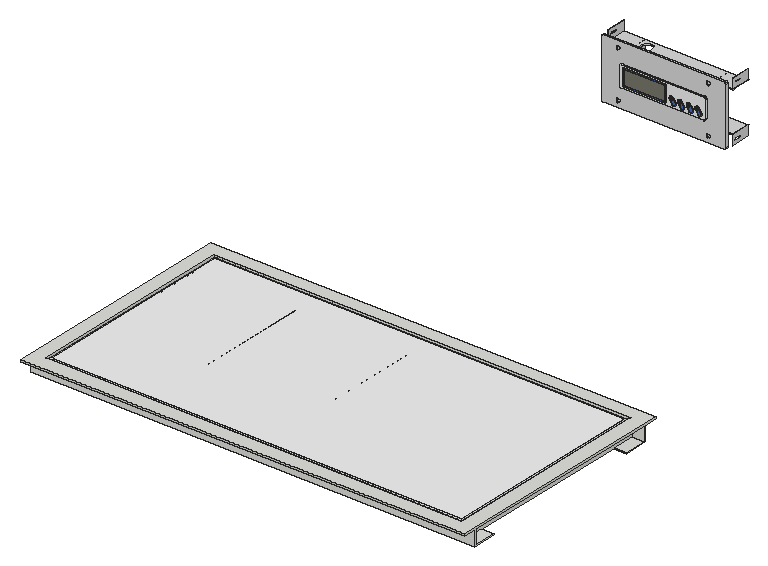
Revit family "Scale-SR_Scales-SRV947IFS", category Specialty Equipment, host Floor, Revit 2020
Family settings
  Host = Floor
  Round Connector Dimension = Use Diameter
  Part Type = Normal
  Always vertical = Yes
  Cut with Voids When Loaded = No
  Shared = No
  Room Calculation Point = No
Parameters (values of type "SRV947IFS")
  Wall Display Location to Center from Left [instance] = 48"
  Wall Display Height to Center [instance] = 30"
  URL = "http://www.srinstruments.com/"
  Show Wall Display [instance] = yes
  Product Page URL = "https://srinstruments.com/scales/SRV947IFS"
  Product Brochure Link = "https://srinstruments.com/r/brochures/SRV947IFS.pdf"
  Power Supply = "110v AC, 50-60 Hz"  # constant formula
  Platform Size = "24'' x 48'' x 2'' (61 cm x 122 cm x 5 cm)"  # constant formula
  Platform Distance to Wall [instance] = 8"
  Model = "SRV947IFS"
  Memory Recall = "Recalls Last Stored Weight"  # constant formula
  Maximum Weight Capacity = "400 lbs or 182 kg"  # constant formula
  Manufacturer Phone Number = "1.800.654.6360"  # constant formula
  Manufacturer Email Contact = "mailto:info-request@srinstruments.com?Subject=Revit Inquiry"
  Manufacturer Address 2 = "Tonawanda, NY 14150"  # constant formula
  Manufacturer Address 1 = "600 Young Street"  # constant formula
  Manufacturer = "SR Scales by SR Instruments, Inc."  # constant formula
  Display Units = "Pounds / Kilograms"  # constant formula
  Display Type = "1'' Digit LCD"  # constant formula
  Display Resolution = "0.2 lb / 0.1 kg"  # constant formula
  Description = "24\" x 48\" In-Floor Scale with Wall Display"
  Default Elevation = 0"
  Creator URL = "http://www.revituspro.com/"
  Created By = "Revitus"  # constant formula
  Copyright Notice = "© SR Instruments, Inc.  All Rights Reserved."  # constant formula
  Calibration = "Traceable to NIST Standards"  # constant formula
  Button Functions = "On/Off, Weigh, Unit and Hold"  # constant formula
  BIM Version Available (Earliest) = "Revit 2020"  # constant formula
  BIM Version = "v4.1"  # constant formula
  Averaging = "Automatic Digital Filter"  # constant formula
  Auto Zero = "One Button Operation / Hold for Zero"  # constant formula
  Assembly Code = "E1020810"
  Accuracy = "0.2% +/- 1 Digits of Displayed Resolution"  # constant formula
Reference planes (in)
  plane 1 "Center (Front/Back)": y = 0
  plane 2: z = 0
  plane 3 "Center (Left/Right)": x = 0
  plane 4 "Frame - Left": x = -25.875
  plane 5 "Frame - Right": x = 25.875
  plane 6 "Frame - Front": y = -13.875
  plane 7 "Frame - Back": y = 13.875
  plane 8 "Bottom of Recess": z = -2
Forms (in)
  Extrusion 1, void
    sketch origin (0, 0, 0) x (1, 0, 0) y (0, 1, 0)
      loop
        line (-25.875, 13.875) -> (-25.875, -13.875) -> (25.875, -13.875) -> (25.875, 13.875) -> (-25.875, 13.875)
    from -2 to 0
Dimensions and locks (in)
  equal spacing: host sketch curve, plane 1 "Center (Front/Back)", host sketch curve
  equal spacing: host sketch curve, plane 3 "Center (Left/Right)", host sketch curve
  host sketch curve to host sketch curve = 120"  (x2)
  level to plane 8 "Bottom of Recess" = 2"
  aligned and locked: level to plane 2
  aligned and locked: Extrusion 1 sketch curve to plane 4 "Frame - Left"
  aligned and locked: plane 7 "Frame - Back" to Extrusion 1 sketch curve
  aligned and locked: plane 5 "Frame - Right" to Extrusion 1 sketch curve
  aligned and locked: Extrusion 1 sketch curve to plane 6 "Frame - Front"
  aligned and locked: level to Extrusion 1
  aligned and locked: Extrusion 1 to plane 8 "Bottom of Recess"
  aligned and locked: plane 3 "Center (Left/Right)" to nested 1
  aligned and locked: plane 6 "Frame - Front" to nested 1
Nested families (in)
  nested 1: "Scale-SR_Scales-SRV947IFS" at (0, 0, 0), Platform Distance to Wall <- "Platform Distance to Wall", Wall Display Location to Center From Left <- "Wall Display Location to Center from Left", Wall Display Height to Center <- "Wall Display Height to Center", type "SRV947IFS"
    with Wall Display Location to Center From Left 48", Wall Display Height to Center 30", Platform Distance to Wall 8"
Definition of nested family "Scale-SR_Scales-SRV947IFS"
  Parameters (values of type "SRV947IFS")
    Zero = "One Button Operation / Hold for Zero"
    Wall Display Location to Center From Left [instance] = 48"
    Wall Display Height to Center [instance] = 30"
    URL = "http://www.srinstruments.com/"
    Show Wall Display = yes
    Product Brochure Link = "https://srinstruments.com/r/brochures/SRV947IFS.pdf"
    Product Page URL = "https://srinstruments.com/scales/SRV947IFS"
    Power Supply = "110v AC, 50-60 Hz"
    Platform Width = 48"
    Platform Size = "24'' x 48'' x 2\" (61 cm x 122 cm x 5 cm)"
    Platform Height Position = 1/4"  # constant formula
    Platform Depth = 24"
    Model = "SRV947IFS"
    Maximum Weight Capacity = "400 lbs or 182 kg"
    Manufacturer Phone Number = "1.800.654.6360"  # constant formula
    Manufacturer Email Contact = "mailto:info-request@srinstruments.com?Subject=Revit Inquiry"
    Manufacturer Address 1 = "600 Young Street"  # constant formula
    Manufacturer Address  2 = "Tonawanda, NY 14150"  # constant formula
    Manufacturer = "SR Scales by SR Instruments, Inc."
    Platform Distance to Wall [instance] = 12"
    Display Type = "1'' Digit LCD"
    Display Resolution = "0.2 lb / 0.1 kg"
    Description = "24\" x 48\" In-Floor Scale with Wall Display"
    Default Elevation = 0"
    Creator URL = "http://www.revituspro.com/"
    Created By = "Revitus"  # constant formula
    Copyright Notice = "© SR Instruments, Inc.  All Rights Reserved."  # constant formula
    Calibration = "Traceable to NIST Standards"
    BIM Version Available (Earliest) = "2020"  # constant formula
    BIM Version = "v3.2"  # constant formula
    Averaging = "Automatic Digital Filter"
    Assembly Code = "E1020810"
    Accuracy = "0.2% +/- 1 Digits of Displayed Resolution"
  Reference planes (in)
    plane 1 "Center (Front/Back)": y = 0
    plane 2: z = 0
    plane 3 "Center (Left/Right)": x = 0
    plane 4 "Platform - Left": x = -24
    plane 5 "Platform - Right": x = 24
    plane 6 "Platform - Front": y = -12
    plane 7 "Platform - Back": y = 12
    plane 8 "Frame - Left": x = -25.875
    plane 9 "Frame - Right": x = 25.875
    plane 10 "Frame - Front": y = -13.875
    plane 11 "Frame - Bottom": z = -2
    plane 12 "Platform Pit Frame - Top": z = 0
    plane 13 "Frame Front Rail - Back": y = -9.625
    plane 14: y = -12.25
    plane 15: z = -1.875
    plane 16: y = -12.375
    plane 17 "Frame - Back": y = 13.875
    plane 18: y = 9.625
    plane 19: y = 12.25
    plane 20: y = 12.375
    plane 21 "Platform - Bottom - Recessed": z = -1.25
    plane 22: x = -24.375
    plane 23: x = -24.25
    plane 24: x = -22.625
    plane 25: x = 24.375
    plane 26: x = 24.25
    plane 27: x = 22.625
    plane 28: x = -1
    plane 29: x = 1
    plane 30: x = -12.1875
    plane 31: x = -10.1875
    plane 32: x = 12.1875
    plane 33: x = 10.1875
    plane 34 "Platform - Top - Recessed": z = -0.25
    plane 35: x = -12.0625
    plane 36: x = -10.3125
    plane 37: z = -0.875
    plane 38: x = -0.875
    plane 39: x = 0.875
    plane 40: x = 10.3125
    plane 41: x = 12.0625
    plane 42: x = -20.875
    plane 43: x = -23.875
    plane 44: x = -23.75
    plane 45: x = -21
    plane 46: x = 20.875
    plane 47: x = 23.875
    plane 48: x = 23.75
    plane 49: x = 21
    plane 50: y = -8.875
    plane 51: y = 8.875
    plane 52: y = -9
    plane 53: y = -11.875
    plane 54: y = -11.75
    plane 55: y = 9
    plane 56: y = 11.875
    plane 57: y = 11.75
    plane 58: x = -11.1875
    plane 59: x = 11.1875
    plane 60 "Left Foot Centerline (Left/Right)": x = -22.375
    plane 61 "Right Foot Centerline (Left/Right)": x = 22.375
    plane 62 "Display - Front": y = -5
    plane 63 "Display - Left": x = 21.125
    plane 64 "Display - Right": x = 23.625
    plane 65 "Display - Back": y = 5
    plane 66 "Wall Display Center (Elevation)": z = 30
    plane 67 "Platform - Top": z = 0
    plane 68 "Platform - Bottom": z = -1
    plane 69: z = -0.125
    plane 70 "Wall Display Center (Left/Right)": x = 22.125
    plane 71 "Back Feet Centerline (Front/Back)": y = 10.375
    plane 72 "Front Feet Centerline (Front/Back)": y = -10.375
    plane 73 "Foot - Bottom": z = -1.5
  Forms (in)
    Extrusion 1, solid, detail levels medium+fine
      sketch origin (0, 0, 1.75) x (1, 0, 0) y (0, 0, 1)
        loop
          line (-25.875, -1.75) -> (-25.875, -2) -> (-24.375, -2) -> (-24.375, -3.75) -> (-22.625, -3.75) -> (-22.625, -3.625) -> (-24.25, -3.625) -> (-24.25, -1.75) -> (-25.875, -1.75)
      from -12.25 to 12.25
    Extrusion 2, solid, detail levels medium+fine
      sketch origin (0, 0, 1.75) x (0, 1, 0) y (0, 0, 1)
        loop
          line (-13.875, -2) -> (-12.375, -2) -> (-12.375, -3.75) -> (-9.625, -3.75) -> (-9.625, -3.625) -> (-12.25, -3.625) -> (-12.25, -1.75) -> (-13.875, -1.75) -> (-13.875, -2)
      from -25.875 to 25.875
    Extrusion 3, solid, detail levels medium+fine
      sketch origin (0, -44, 1.75) x (0, -1, 0) y (0, 0, -1)
        loop
          line (-57.875, 2) -> (-57.875, 1.75) -> (-56.25, 1.75) -> (-56.25, 3.625) -> (-53.625, 3.625) -> (-53.625, 3.75) -> (-56.375, 3.75) -> (-56.375, 2) -> (-57.875, 2)
      from -25.875 to 25.875
    Extrusion 4, solid, detail levels medium+fine
      sketch origin (0, 0, 1.75) x (-1, 0, 0) y (0, 0, -1)
        loop
          line (-25.875, 1.75) -> (-24.25, 1.75) -> (-24.25, 3.625) -> (-22.625, 3.625) -> (-22.625, 3.75) -> (-24.375, 3.75) -> (-24.375, 2) -> (-25.875, 2) -> (-25.875, 1.75)
      from -12.25 to 12.25
    Extrusion 5, solid, detail levels coarse
      sketch origin (0, 0, 0) x (1, 0, 0) y (0, 1, 0)
        loop
          line (-25.875, 13.875) -> (-25.875, -13.875) -> (25.875, -13.875) -> (25.875, 13.875) -> (-25.875, 13.875)
      from -2 to 0
    Extrusion 6, solid, detail levels coarse
      sketch origin (0, 0, 2) x (1, 0, 0) y (0, 0, 1)
        loop
          line (-24, -2) -> (-24, -3) -> (24, -3) -> (24, -2) -> (-24, -2)
      from -12 to 12
    Extrusion 7, solid, detail levels medium+fine
      sketch origin (0, 0, 0) x (1, 0, 0) y (0, 0, 1)
        loop
          line (-12.1875, -0.125) -> (-12.1875, -1) -> (-10.1875, -1) -> (-10.1875, -0.125) -> (-10.3125, -0.125) -> (-10.3125, -0.875) -> (-12.0625, -0.875) -> (-12.0625, -0.125) -> (-12.1875, -0.125)
        loop
          line (10.1875, -0.125) -> (10.1875, -1) -> (12.1875, -1) -> (12.1875, -0.125) -> (12.0625, -0.125) -> (12.0625, -0.875) -> (10.3125, -0.875) -> (10.3125, -0.125) -> (10.1875, -0.125)
        loop
          line (-1, -0.125) -> (-1, -1) -> (1, -1) -> (1, -0.125) -> (0.875, -0.125) -> (0.875, -0.875) -> (-0.875, -0.875) -> (-0.875, -0.125) -> (-1, -0.125)
        loop
          line (-23.875, -1) -> (-20.875, -1) -> (-20.875, -0.125) -> (-21, -0.125) -> (-21, -0.875) -> (-23.75, -0.875) -> (-23.75, -0.125) -> (-23.875, -0.125) -> (-23.875, -1)
        loop
          line (20.875, -0.125) -> (20.875, -1) -> (23.875, -1) -> (23.875, -0.125) -> (23.75, -0.125) -> (23.75, -0.875) -> (21, -0.875) -> (21, -0.125) -> (20.875, -0.125)
      from -8.875 to 8.875
    Extrusion 8, solid, detail levels medium+fine
      sketch origin (0, 0, 0) x (0, 1, 0) y (0, 0, 1)
        loop
          line (-11.875, -0.125) -> (-11.875, -1) -> (-8.875, -1) -> (-8.875, -0.125) -> (-9, -0.125) -> (-9, -0.875) -> (-11.75, -0.875) -> (-11.75, -0.125) -> (-11.875, -0.125)
        loop
          line (8.875, -1) -> (11.875, -1) -> (11.875, -0.125) -> (11.75, -0.125) -> (11.75, -0.875) -> (9, -0.875) -> (9, -0.125) -> (8.875, -0.125) -> (8.875, -1)
      from -23.875 to 23.875
    Extrusion 9, solid, detail levels medium+fine
      sketch origin (0, 0, 8) x (1, 0, 0) y (0, 0, 1)
        loop
          line (-23.875, -8.125) -> (23.875, -8.125) -> (23.875, -8) -> (-23.875, -8) -> (-23.875, -8.125)
      from -11.875 to 11.875
    Sweep 10, solid, detail levels medium+fine
      path origin (0, 0, 0) x (1, 0, 0) y (0, 1, 0)
        loop
          line (-24, 12) -> (-24, -12) -> (24, -12) -> (24, 12) -> (-24, 12)
      profile origin (-24, 0, 0) x (1, 0, 0) y (0, 0, 1)
        loop
          line (0, -0.125) -> (0, -1) -> (0.125, -1) -> (0.125, 0)
          arc (0.125, 0) -> (0.03661, -0.03661) -> (0, -0.125) r 0.125
  Cuts and joins
    joined: Extrusion 1, Extrusion 2, Extrusion 3, Extrusion 4
  Lines and regions (in)
    Masking region 1
      outline origin (0, 0, -1.5) x (-1, 0, 0) y (0, -1, 0)
        loop
          line (-25.875, -13.875) -> (25.875, -13.875) -> (25.875, 13.875) -> (-25.875, 13.875) -> (-25.875, -13.875)
    reference lines
      curve 1: line (25.875, 24, 0) -> (-25.875, 24, 0)
    symbolic lines
      curve 2: line (-24, 12, -1.5) -> (-24, -12, -1.5)
      curve 3: line (24, 12, -1.5) -> (24, -12, -1.5)
      curve 4: line (-24, -12, -1.5) -> (24, -12, -1.5)
      curve 5: line (-24, 12, -1.5) -> (24, 12, -1.5)
  Dimensions and locks (in)
    equal spacing: plane 4 "Platform - Left", plane 3 "Center (Left/Right)", plane 5 "Platform - Right"
    "Platform Width": plane 4 "Platform - Left" to plane 5 "Platform - Right"
    "Platform Depth": plane 6 "Platform - Front" to plane 7 "Platform - Back"
    plane 24 to plane 4 "Platform - Left" to plane 23 to plane 8 "Frame - Left" = 1 3/8" locked, 1/4" locked, 1 5/8" locked
    plane 10 "Frame - Front" to plane 14 to plane 6 "Platform - Front" to plane 13 "Frame Front Rail - Back" = 1 5/8" locked, 1/4" locked, 2 3/8" locked
    locked: plane 12 "Platform Pit Frame - Top" to plane 11 "Frame - Bottom" at 2
    locked: plane 15 to plane 11 "Frame - Bottom" at 0.125
    locked: plane 16 to plane 14 at 0.125
    plane 17 "Frame - Back" to plane 19 to plane 7 "Platform - Back" to plane 18 = 1 5/8", 1/4", 2 3/8" locked
    locked: plane 20 to plane 19 at 0.125
    plane 4 "Platform - Left" to plane 23 to plane 22 = 1/4", 1/8"
    plane 27 to plane 5 "Platform - Right" to plane 26 to plane 9 "Frame - Right" = 1 3/8" locked, 1/4" locked, 1 5/8" locked
    locked: plane 26 to plane 25 at 0.125
    plane 29 to plane 3 "Center (Left/Right)" to plane 28 = 1" locked, 1" locked
    plane 31 to plane 58 to plane 30 = 1" locked, 1" locked
    plane 33 to plane 59 to plane 32 = 1" locked, 1" locked
    locked: plane 12 "Platform Pit Frame - Top" to plane 34 "Platform - Top - Recessed" at 0.25
    locked: plane 37 to plane 68 "Platform - Bottom" at 0.125
    locked: plane 35 to plane 30 at 0.125
    locked: plane 36 to plane 31 at 0.125
    locked: plane 38 to plane 28 at 0.125
    locked: plane 39 to plane 29 at 0.125
    locked: plane 40 to plane 33 at 0.125
    locked: plane 41 to plane 32 at 0.125
    locked: plane 42 to plane 8 "Frame - Left" at 5
    locked: plane 4 "Platform - Left" to plane 43 at 0.125
    locked: plane 42 to plane 45 at 0.125
    locked: plane 44 to plane 43 at 0.125
    locked: plane 46 to plane 49 at 0.125
    locked: plane 48 to plane 47 at 0.125
    locked: plane 46 to plane 9 "Frame - Right" at 5
    locked: plane 10 "Frame - Front" to plane 50 at 5
    locked: plane 51 to plane 17 "Frame - Back" at 5
    locked: plane 52 to plane 50 at 0.125
    plane 6 "Platform - Front" to plane 53 to plane 54 = 1/8" locked, 1/8" locked
    plane 7 "Platform - Back" to plane 56 to plane 57 = 1/8" locked, 1/8" locked
    locked: plane 51 to plane 55 at 0.125
    equal spacing: plane 7 "Platform - Back", plane 1 "Center (Front/Back)", plane 6 "Platform - Front"
    locked: plane 60 "Left Foot Centerline (Left/Right)" to plane 43 at 1.5
    plane 61 "Right Foot Centerline (Left/Right)" to plane 47 to plane 5 "Platform - Right" = 1 1/2" locked, 1/8" locked
    plane 62 "Display - Front" to plane 1 "Center (Front/Back)" to plane 65 "Display - Back" = 5" locked, 5" locked
    plane 63 "Display - Left" to plane 64 "Display - Right" to plane 47 = 2 1/2" locked, 1/4" locked
    equal spacing: plane 58, plane 3 "Center (Left/Right)", plane 59, plane 61 "Right Foot Centerline (Left/Right)"
    "Platform Distance to Wall": curve 1 to plane 7 "Platform - Back"
    "Wall Display Height to Center": plane 66 "Wall Display Center (Elevation)" to level
    "Platform Height Position": plane 67 "Platform - Top" to plane 34 "Platform - Top - Recessed"
    locked: plane 67 "Platform - Top" to plane 68 "Platform - Bottom" at 1
    locked: plane 67 "Platform - Top" to plane 69 at 0.125
    "Wall Display Location to Center From Left": plane 70 "Wall Display Center (Left/Right)" to plane 8 "Frame - Left"
    equal spacing: plane 56, plane 71 "Back Feet Centerline (Front/Back)", plane 51
    equal spacing: plane 53, plane 72 "Front Feet Centerline (Front/Back)", plane 50
    locked: plane 67 "Platform - Top" to plane 73 "Foot - Bottom" at 1.5
    aligned and locked: level to plane 2
    aligned and locked: Extrusion 2 to plane 9 "Frame - Right"
    aligned and locked: Extrusion 2 to plane 8 "Frame - Left"
    aligned and locked: Extrusion 2 sketch curve to plane 10 "Frame - Front"
    aligned and locked: Extrusion 2 sketch curve to plane 12 "Platform Pit Frame - Top"
    aligned and locked: Extrusion 2 sketch curve to plane 16
    aligned and locked: Extrusion 2 sketch curve to plane 14
    aligned and locked: Extrusion 2 sketch curve to plane 15
    aligned and locked: Extrusion 2 sketch curve to plane 11 "Frame - Bottom"
    aligned and locked: plane 13 "Frame Front Rail - Back" to Extrusion 2 sketch curve
    aligned and locked: plane 17 "Frame - Back" to Extrusion 3 sketch curve
    aligned and locked: Extrusion 3 sketch curve to plane 20
    aligned and locked: Extrusion 3 sketch curve to plane 19
    aligned and locked: plane 18 to Extrusion 3 sketch curve
    aligned and locked: Extrusion 3 to plane 8 "Frame - Left"
    aligned and locked: Extrusion 3 to plane 9 "Frame - Right"
    aligned and locked: Extrusion 1 sketch curve to plane 8 "Frame - Left"
    aligned and locked: Extrusion 1 sketch curve to plane 12 "Platform Pit Frame - Top"
    aligned and locked: Extrusion 1 sketch curve to plane 15
    aligned and locked: Extrusion 1 sketch curve to plane 11 "Frame - Bottom"
    aligned and locked: Extrusion 1 sketch curve to plane 23
    aligned and locked: Extrusion 1 sketch curve to plane 22
    aligned and locked: Extrusion 1 sketch curve to plane 24
    aligned and locked: plane 14 to Extrusion 1
    aligned and locked: plane 19 to Extrusion 1
    aligned and locked: plane 26 to Extrusion 4 sketch curve
    aligned and locked: plane 25 to Extrusion 4 sketch curve
    aligned and locked: plane 27 to Extrusion 4 sketch curve
    aligned and locked: plane 19 to Extrusion 4
    aligned and locked: plane 14 to Extrusion 4
    aligned and locked: plane 9 "Frame - Right" to Extrusion 4 sketch curve
    aligned and locked: plane 12 "Platform Pit Frame - Top" to Extrusion 4 sketch curve
    aligned and locked: plane 11 "Frame - Bottom" to Extrusion 4 sketch curve
    aligned and locked: plane 15 to Extrusion 4 sketch curve
    aligned and locked: Extrusion 5 sketch curve to plane 8 "Frame - Left"
    aligned and locked: plane 17 "Frame - Back" to Extrusion 5 sketch curve
    aligned and locked: plane 9 "Frame - Right" to Extrusion 5 sketch curve
    aligned and locked: Extrusion 5 sketch curve to plane 10 "Frame - Front"
    aligned and locked: plane 34 "Platform - Top - Recessed" to Extrusion 3 sketch curve
    aligned and locked: Extrusion 2 sketch curve to plane 34 "Platform - Top - Recessed"
    aligned and locked: Extrusion 1 sketch curve to plane 34 "Platform - Top - Recessed"
    aligned and locked: plane 34 "Platform - Top - Recessed" to Extrusion 4 sketch curve
    aligned and locked: Extrusion 6 sketch curve to plane 4 "Platform - Left"
    aligned and locked: plane 5 "Platform - Right" to Extrusion 6 sketch curve
    aligned and locked: Extrusion 6 to plane 6 "Platform - Front"
    aligned and locked: plane 7 "Platform - Back" to Extrusion 6
    aligned and locked: Extrusion 7 sketch curve to plane 37  (x3)
    aligned and locked: Extrusion 7 sketch curve to plane 33
    aligned and locked: plane 40 to Extrusion 7 sketch curve
    aligned and locked: plane 41 to Extrusion 7 sketch curve
    aligned and locked: plane 32 to Extrusion 7 sketch curve
    aligned and locked: Extrusion 7 sketch curve to plane 28
    aligned and locked: plane 38 to Extrusion 7 sketch curve
    aligned and locked: plane 29 to Extrusion 7 sketch curve
    aligned and locked: plane 39 to Extrusion 7 sketch curve
    aligned and locked: Extrusion 7 sketch curve to plane 30
    aligned and locked: plane 35 to Extrusion 7 sketch curve
    aligned and locked: plane 36 to Extrusion 7 sketch curve
    aligned and locked: plane 31 to Extrusion 7 sketch curve
    aligned and locked: Extrusion 7 sketch curve to plane 43
    aligned and locked: Extrusion 7 sketch curve to plane 44
    aligned and locked: Extrusion 7 sketch curve to plane 45
    aligned and locked: Extrusion 7 sketch curve to plane 42
    aligned and locked: plane 47 to Extrusion 7 sketch curve
    aligned and locked: plane 48 to Extrusion 7 sketch curve
    aligned and locked: plane 49 to Extrusion 7 sketch curve
    aligned and locked: plane 46 to Extrusion 7 sketch curve
    aligned and locked: Extrusion 8 sketch curve to plane 37
    aligned and locked: Extrusion 8 sketch curve to plane 53
    aligned and locked: Extrusion 8 sketch curve to plane 54
    aligned and locked: Extrusion 8 sketch curve to plane 52
    aligned and locked: Extrusion 8 sketch curve to plane 50
    aligned and locked: plane 51 to Extrusion 8 sketch curve
    aligned and locked: Extrusion 8 sketch curve to plane 55
    aligned and locked: Extrusion 8 sketch curve to plane 56
    aligned and locked: Extrusion 8 sketch curve to plane 57
    aligned and locked: plane 51 to Extrusion 7
    aligned and locked: plane 50 to Extrusion 7
    aligned and locked: Extrusion 8 to plane 47
    aligned and locked: Extrusion 8 to plane 43
    aligned and locked: plane 47 to Extrusion 9 sketch curve
    aligned and locked: Extrusion 9 sketch curve to plane 43
    aligned and locked: Sweep 10 sketch curve to plane 4 "Platform - Left"
    aligned and locked: Sweep 10 sketch curve to plane 43
    aligned and locked: plane 56 to Extrusion 9
    aligned and locked: plane 53 to Extrusion 9
    aligned and locked: plane 8 "Frame - Left" to curve 1
    aligned and locked: curve 1 to plane 9 "Frame - Right"
    aligned and locked: nested 1 to curve 1
    aligned and locked: nested 1 to plane 66 "Wall Display Center (Elevation)"
    aligned and locked: plane 15 to Extrusion 3 sketch curve
    aligned and locked: plane 11 "Frame - Bottom" to Extrusion 3 sketch curve
    aligned and locked: plane 12 "Platform Pit Frame - Top" to Extrusion 5
    aligned and locked: Extrusion 5 to plane 11 "Frame - Bottom"
    aligned and locked: Extrusion 6 sketch curve to plane 68 "Platform - Bottom"
    aligned and locked: Sweep 10 sketch curve to plane 68 "Platform - Bottom"
    aligned and locked: plane 67 "Platform - Top" to Sweep 10 sketch curve
    aligned and locked: Extrusion 9 sketch curve to plane 69
    aligned and locked: Extrusion 9 sketch curve to plane 67 "Platform - Top"
    aligned and locked: Extrusion 6 sketch curve to plane 67 "Platform - Top"
    aligned and locked: plane 70 "Wall Display Center (Left/Right)" to nested 1
    aligned and locked: Extrusion 7 sketch curve to plane 69  (x10)
    aligned and locked: Extrusion 8 sketch curve to plane 69  (x4)
    aligned and locked: Extrusion 8 sketch curve to plane 68 "Platform - Bottom"  (x2)
    aligned and locked: Extrusion 7 sketch curve to plane 68 "Platform - Bottom"  (x5)
    aligned and locked: curve 2 to plane 4 "Platform - Left"
    aligned and locked: plane 5 "Platform - Right" to curve 3
    aligned and locked: curve 4 to plane 6 "Platform - Front"
    aligned and locked: curve 5 to plane 7 "Platform - Back"
    aligned and locked: plane 17 "Frame - Back" to Masking region 1 sketch curve
    aligned and locked: Masking region 1 sketch curve to plane 8 "Frame - Left"
    aligned and locked: plane 9 "Frame - Right" to Masking region 1 sketch curve
    aligned and locked: Masking region 1 sketch curve to plane 10 "Frame - Front"
  Automatic sketch dimensions
    level to Extrusion 3 sketch curve = 0"
    Extrusion 7 sketch curve to plane 37 = 0"  (x2)
    plane 37 to Extrusion 8 sketch curve = 0"
    Sweep 10 sketch curve to plane 4 "Platform - Left" = 0"
    Sweep 10 sketch curve to plane 5 "Platform - Right" = 0"
    Sweep 10 sketch curve to plane 6 "Platform - Front" = 0"
    Sweep 10 sketch curve to plane 7 "Platform - Back" = 0"
  Nested families (in)
    nested 1: "Display-Wall_Panel-SRV947IFS" at (22.125, 24, 30), visible <- "Show Wall Display", type "Display-Wall_Panel-SRV947IFS"
  Definition of nested family "Display-Wall_Panel-SRV947IFS"
    Parameters (values of type "Display-Wall_Panel-SRV947IFS")
      URL = "http://www.srinstruments.com/"
      Manufacturer Phone Number = "1.800.654.6360"  # constant formula
      Manufacturer Email Contact = "mailto:info-request@srinstruments.com?Subject=Revit Inquiry"
      Manufacturer Address 1 = "600 Young Street"  # constant formula
      Manufacturer Address  2 = "Tonawanda, NY 14150"  # constant formula
      Manufacturer = "SR Scales by SR Instruments, Inc."
      Default Elevation = 0"
      Creator URL = "http://www.revituspro.com/"
      Created By = "Revitus"  # constant formula
      Copyright Notice = "© SR Instruments, Inc.  All Rights Reserved."  # constant formula
      BIM Version Available (Earliest) = "2012"  # constant formula
      BIM Version = "v1.1"  # constant formula
    Reference planes (in)
      plane 1 "Center (Front/Back)": y = 0
      plane 2: z = 0
      plane 3 "Center (Left/Right)": x = 0
      plane 4: y = -0.25
    Forms (in)
      Extrusion 1, solid
        sketch origin (0, 0, -53) x (1, 0, 0) y (0, 0, 1)
          loop
            line (-7.25, 56.25) -> (-7.25, 49.75)
            arc (-7.25, 49.75) -> (-7.17678, 49.57322) -> (-7, 49.5) r 0.25
            line (-7, 49.5) -> (7, 49.5)
            arc (7, 49.5) -> (7.17678, 49.57322) -> (7.25, 49.75) r 0.25
            line (7.25, 49.75) -> (7.25, 56.25)
            arc (7.25, 56.25) -> (7.17678, 56.42678) -> (7, 56.5) r 0.25
            line (7, 56.5) -> (-7, 56.5)
            arc (-7, 56.5) -> (-7.17678, 56.42678) -> (-7.25, 56.25) r 0.25
          loop
            circle (-5.25, 50.25) r 0.25
          loop
            circle (5.25, 50.25) r 0.25
          loop
            circle (-5.25, 55.75) r 0.25
          loop
            circle (5.25, 55.75) r 0.25
        from 0 to 0.25
      Extrusion 2, solid, detail levels fine
        sketch origin (0, 0, 0) x (1, 0, 0) y (0, 0, 1)
          loop
            circle (-5.25, 2.75) r 0.1875
          loop
            circle (5.25, 2.75) r 0.1875
          loop
            circle (-5.25, -2.75) r 0.1875
          loop
            circle (5.25, -2.75) r 0.1875
        from 0 to 0.1875
      Extrusion 3, solid, detail levels coarse
        sketch origin (-10.40958, -0.25, 4.46519) x (1, 0, 0) y (0, 0, 1)
          loop
            line (15.40958, -5.46519) -> (15.40958, -3.46519)
            arc (15.40958, -3.46519) -> (15.33635, -3.28841) -> (15.15958, -3.21519) r 0.25
            line (15.15958, -3.21519) -> (5.65958, -3.21519)
            arc (5.65958, -3.21519) -> (5.4828, -3.28841) -> (5.40958, -3.46519) r 0.25
            line (5.40958, -3.46519) -> (5.40958, -5.46519)
            arc (5.40958, -5.46519) -> (5.4828, -5.64197) -> (5.65958, -5.71519) r 0.25
            line (5.65958, -5.71519) -> (15.15958, -5.71519)
            arc (15.15958, -5.71519) -> (15.33635, -5.64197) -> (15.40958, -5.46519) r 0.25
        from 0 to 0.125
      Extrusion 4, solid, detail levels medium+fine
        sketch origin (-10.40958, -0.25, 3.46519) x (1, 0, 0) y (0, 0, 1)
          loop
            line (15.40958, -4.46519) -> (15.40958, -2.46519)
            arc (15.40958, -2.46519) -> (15.33635, -2.28841) -> (15.15958, -2.21519) r 0.25
            line (15.15958, -2.21519) -> (5.65958, -2.21519)
            arc (5.65958, -2.21519) -> (5.4828, -2.28841) -> (5.40958, -2.46519) r 0.25
            line (5.40958, -2.46519) -> (5.40958, -4.46519)
            arc (5.40958, -4.46519) -> (5.4828, -4.64197) -> (5.65958, -4.71519) r 0.25
            line (5.65958, -4.71519) -> (15.15958, -4.71519)
            arc (15.15958, -4.71519) -> (15.33635, -4.64197) -> (15.40958, -4.46519) r 0.25
          loop
            line (10.78587, -4.34019) -> (10.78587, -2.59019)
            arc (10.78587, -2.59019) -> (10.74926, -2.5018) -> (10.66087, -2.46519) r 0.125
            line (10.66087, -2.46519) -> (5.91087, -2.46519)
            arc (5.91087, -2.46519) -> (5.82248, -2.5018) -> (5.78587, -2.59019) r 0.125
            line (5.78587, -2.59019) -> (5.78587, -4.34019)
            arc (5.78587, -4.34019) -> (5.82248, -4.42858) -> (5.91087, -4.46519) r 0.125
            line (5.91087, -4.46519) -> (10.66087, -4.46519)
            arc (10.66087, -4.46519) -> (10.74926, -4.42858) -> (10.78587, -4.34019) r 0.125
          loop
            arc (11.44436, -4.34019) -> (11.78587, -4.4317) -> (11.87738, -4.09019) r 0.25
            line (11.87738, -4.09019) -> (11.62738, -3.65718)
            arc (11.62738, -3.65718) -> (11.28587, -3.56567) -> (11.19436, -3.90718) r 0.25
            line (11.19436, -3.90718) -> (11.44436, -4.34019)
          loop
            arc (12.44436, -4.34019) -> (12.78587, -4.4317) -> (12.87738, -4.09019) r 0.25
            line (12.87738, -4.09019) -> (12.62738, -3.65718)
            arc (12.62738, -3.65718) -> (12.28587, -3.56567) -> (12.19436, -3.90718) r 0.25
            line (12.19436, -3.90718) -> (12.44436, -4.34019)
          loop
            arc (13.44436, -4.34019) -> (13.78587, -4.4317) -> (13.87738, -4.09019) r 0.25
            line (13.87738, -4.09019) -> (13.62738, -3.65718)
            arc (13.62738, -3.65718) -> (13.28587, -3.56567) -> (13.19436, -3.90718) r 0.25
            line (13.19436, -3.90718) -> (13.44436, -4.34019)
          loop
            arc (14.44436, -4.34019) -> (14.78587, -4.4317) -> (14.87738, -4.09019) r 0.25
            line (14.87738, -4.09019) -> (14.62738, -3.65718)
            arc (14.62738, -3.65718) -> (14.28587, -3.56567) -> (14.19436, -3.90718) r 0.25
            line (14.19436, -3.90718) -> (14.44436, -4.34019)
          loop
            circle (11.41087, -3.78218) r 0.15625
          loop
            circle (12.41087, -3.78218) r 0.15625
          loop
            circle (13.41087, -3.78218) r 0.15625
          loop
            circle (14.41087, -3.78218) r 0.15625
        from 0 to 0.125
      Extrusion 5, solid, detail levels medium+fine
        sketch origin (-10.40958, -0.25, 7.42361) x (1, 0, 0) y (0, 0, 1)
          loop
            arc (14.62738, -7.6156) -> (14.28587, -7.52409) -> (14.19436, -7.8656) r 0.25
            line (14.19436, -7.8656) -> (14.44436, -8.29861)
            arc (14.44436, -8.29861) -> (14.78587, -8.39012) -> (14.87738, -8.04861) r 0.25
            line (14.87738, -8.04861) -> (14.62738, -7.6156)
          loop
            circle (14.41087, -7.7406) r 0.15625
          loop
            arc (13.62738, -7.6156) -> (13.28587, -7.52409) -> (13.19436, -7.8656) r 0.25
            line (13.19436, -7.8656) -> (13.44436, -8.29861)
            arc (13.44436, -8.29861) -> (13.78587, -8.39012) -> (13.87738, -8.04861) r 0.25
            line (13.87738, -8.04861) -> (13.62738, -7.6156)
          loop
            circle (13.41087, -7.7406) r 0.15625
          loop
            arc (12.62738, -7.6156) -> (12.28587, -7.52409) -> (12.19436, -7.8656) r 0.25
            line (12.19436, -7.8656) -> (12.44436, -8.29861)
            arc (12.44436, -8.29861) -> (12.78587, -8.39012) -> (12.87738, -8.04861) r 0.25
            line (12.87738, -8.04861) -> (12.62738, -7.6156)
          loop
            circle (12.41087, -7.7406) r 0.15625
          loop
            arc (11.62738, -7.6156) -> (11.28587, -7.52409) -> (11.19436, -7.8656) r 0.25
            line (11.19436, -7.8656) -> (11.44436, -8.29861)
            arc (11.44436, -8.29861) -> (11.78587, -8.39012) -> (11.87738, -8.04861) r 0.25
            line (11.87738, -8.04861) -> (11.62738, -7.6156)
          loop
            circle (11.41087, -7.7406) r 0.15625
          loop
            arc (10.66087, -8.42361) -> (10.74926, -8.387) -> (10.78587, -8.29861) r 0.125
            line (10.78587, -8.29861) -> (10.78587, -6.54861)
            arc (10.78587, -6.54861) -> (10.74926, -6.46022) -> (10.66087, -6.42361) r 0.125
            line (10.66087, -6.42361) -> (5.91087, -6.42361)
            arc (5.91087, -6.42361) -> (5.82248, -6.46022) -> (5.78587, -6.54861) r 0.125
            line (5.78587, -6.54861) -> (5.78587, -8.29861)
            arc (5.78587, -8.29861) -> (5.82248, -8.387) -> (5.91087, -8.42361) r 0.125
            line (5.91087, -8.42361) -> (10.66087, -8.42361)
          loop
            line (5.91087, -6.54861) -> (5.91087, -8.29861) -> (10.66087, -8.29861) -> (10.66087, -6.54861) -> (5.91087, -6.54861)
        from 0 to 0.125
      Extrusion 6, solid, detail levels medium+fine
        sketch origin (-10.40958, -0.25, 10.46519) x (1, 0, 0) y (0, 0, 1)
          loop
            line (5.91087, -9.59019) -> (5.91087, -11.34019) -> (10.66087, -11.34019) -> (10.66087, -9.59019) -> (5.91087, -9.59019)
        from 0 to 0.125
      Extrusion 7, solid
        sketch origin (0, 0, 0) x (1, 0, 0) y (0, 0, 1)
          loop
            arc (4.875, 2.3125) -> (4.85669, 2.35669) -> (4.8125, 2.375) r 0.0625
            line (4.8125, 2.375) -> (-4.8125, 2.375)
            arc (-4.8125, 2.375) -> (-4.85669, 2.35669) -> (-4.875, 2.3125) r 0.0625
            line (-4.875, 2.3125) -> (-4.875, -2.3125)
            arc (-4.875, -2.3125) -> (-4.85669, -2.35669) -> (-4.8125, -2.375) r 0.0625
            line (-4.8125, -2.375) -> (4.8125, -2.375)
            arc (4.8125, -2.375) -> (4.85669, -2.35669) -> (4.875, -2.3125) r 0.0625
            line (4.875, -2.3125) -> (4.875, 2.3125)
          loop
            line (-4.8125, 2.3125) -> (-4.8125, -2.3125) -> (4.8125, -2.3125) -> (4.8125, 2.3125) -> (-4.8125, 2.3125)
        from 0 to -0.75
      Extrusion 8, solid
        sketch origin (0, 0, 0) x (1, 0, 0) y (0, 0, 1)
          loop
            line (4.875, 2.3125) -> (7.1875, 2.3125)
            arc (7.1875, 2.3125) -> (7.23169, 2.33081) -> (7.25, 2.375) r 0.0625
            line (7.25, 2.375) -> (7.25, 3.5) -> (7.1875, 3.5) -> (7.1875, 2.375) -> (-7.1875, 2.375) -> (-7.1875, 3.5) -> (-7.25, 3.5) -> (-7.25, 2.375)
            arc (-7.25, 2.375) -> (-7.23169, 2.33081) -> (-7.1875, 2.3125) r 0.0625
            line (-7.1875, 2.3125) -> (-4.875, 2.3125) -> (-4.875, -2.3125) -> (-7.1875, -2.3125)
            arc (-7.1875, -2.3125) -> (-7.23169, -2.33081) -> (-7.25, -2.375) r 0.0625
            line (-7.25, -2.375) -> (-7.25, -3.5) -> (-7.1875, -3.5) -> (-7.1875, -2.375) -> (7.1875, -2.375) -> (7.1875, -3.5) -> (7.25, -3.5) -> (7.25, -2.375)
            arc (7.25, -2.375) -> (7.23169, -2.33081) -> (7.1875, -2.3125) r 0.0625
            line (7.1875, -2.3125) -> (4.875, -2.3125) -> (4.875, 2.3125)
          loop
            line (4.8125, 2.3125) -> (-4.8125, 2.3125) -> (-4.8125, -2.3125) -> (4.8125, -2.3125) -> (4.8125, 2.3125)
        from -0.75 to -3
      Extrusion 9, solid
        sketch origin (0, 0, 0) x (1, 0, 0) y (0, 0, 1)
          loop
            line (-4.8125, 2.3125) -> (-4.8125, -2.3125) -> (-4.0625, -2.3125) -> (-4.0625, 2.3125) -> (-4.8125, 2.3125)
          loop
            line (4.8125, 2.3125) -> (4.0625, 2.3125) -> (4.0625, -2.3125) -> (4.8125, -2.3125) -> (4.8125, 2.3125)
          loop
            circle (-4.4375, 2) r 0.125
          loop
            circle (-4.4375, -2) r 0.125
          loop
            circle (4.4375, -2) r 0.125
          loop
            circle (4.4375, 2) r 0.125
        from 0 to -0.0625
      Extrusion 10, void
        sketch origin (0, 0, 0) x (1, 0, 0) y (0, 1, 0)
          loop
            circle (-3.6875, 1.9375) r 0.625
        from -2.5 to 2.5
      Extrusion 11, void
        sketch origin (0, 0, 0) x (0, 1, 0) y (0, 0, 1)
          loop
            line (1.0625, 2.875) -> (1.8125, 2.875)
            arc (1.8125, 2.875) -> (1.9375, 3) -> (1.8125, 3.125) r 0.125
            line (1.8125, 3.125) -> (1.0625, 3.125)
            arc (1.0625, 3.125) -> (0.9375, 3) -> (1.0625, 2.875) r 0.125
          loop
            arc (1.0625, -2.875) -> (0.9375, -3) -> (1.0625, -3.125) r 0.125
            line (1.0625, -3.125) -> (1.8125, -3.125)
            arc (1.8125, -3.125) -> (1.9375, -3) -> (1.8125, -2.875) r 0.125
            line (1.8125, -2.875) -> (1.0625, -2.875)
        from -7.5 to 7.5
    Cuts and joins
      Extrusion 10, Extrusion 11 cuts Extrusion 8
      joined: Extrusion 7, Extrusion 8
    Dimensions and locks (in)
      locked: plane 4 to plane 1 "Center (Front/Back)" at 0.25
      aligned and locked: plane 2 to level
      aligned and locked: Extrusion 1 to plane 4
      aligned and locked: Extrusion 5 sketch curve to Extrusion 4  (x20)
      aligned and locked: Extrusion 6 sketch curve to Extrusion 5  (x4)
